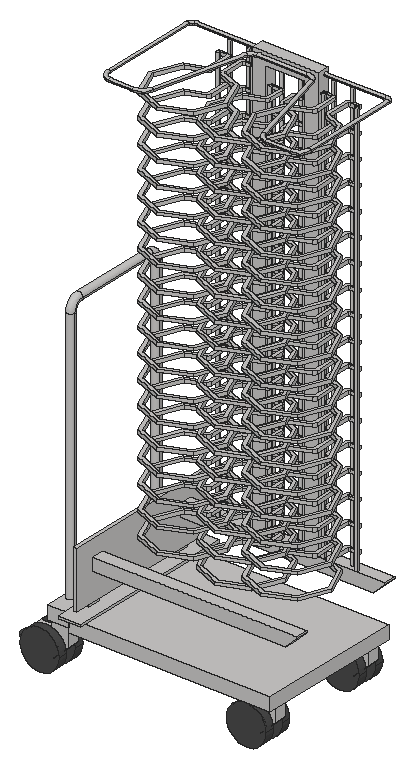
Revit family "QF_ELECTROLUXPROFESSIONAL_922756_TRBA54PL2011C", category Attrezzature speciali, Revit 2020
Family settings
  Quota connettore circolare = Usa diametro
  Tipo di parte = Normale
  Basato su piano di lavoro = No
  Sempre verticale = Sì
  Taglio con vuoti quando caricato = No
  Condiviso = No
  Punto di calcolo locali = No
Parameters (values of type "Standard")
  Weight = 0.00 kg
  Watts = 0 W
  Volts = 0 V
  URL Manufacturer = ""
  URL = ""
  Steam Supply Size = 0 mm
  Steam Supply Minimum Pressure = 0.0 Pa
  Steam Supply Maximum Pressure = 0.0 Pa
  Steam Consumption per Hour = 0
  Show Clearance [instance] = yes
  Refrigeration Suction Line Size = 0 mm
  Refrigeration Liquid Line Size = 0 mm
  Refrigerant Compressor Remote = yes
  Prospetto di default = 0 mm
  Manufacturer = ""
  Phase = 0
  Model = ""
  Length Actual = 507 mm  # constant formula
  Item Number = ""
  Hot Water Size = 0 mm
  Height Actual = 1714 mm  # constant formula
  HP = ""
  Gas Size = 0 mm
  Gas KW = 0
  Gas Input Pressure = 0 W
  Direct Waste Size = 0 mm
  Description = ""
  Depth Actual = 849 mm  # constant formula
  Cycle = 0 Hz
  Condensate Return Size = 0 mm
  Compressed Air Volume = 0.0 L/s
  Compressed Air Size = 0 mm
  Compressed Air Pressure = 0.0 Pa
  Cold Water Size = 0 mm
  Accessory = yes
Reference planes
  plane 1 "Back": y = 0
  plane 2: z = 0
  plane 3 "FRONT": y = -544
  plane 4 "LEFT": x = -126
  plane 5 "RIGHT": x = 743
  plane 6: x = 308.5
  plane 7 "Centro Avanti/Indietro": y = -272
  plane 8: z = 1039
  plane 9: z = 130
  plane 10: z = 303
  plane 11: z = 62.5
  plane 12: y = -38.5
  plane 13: y = -505.5
  plane 14: y = -98.5
  plane 15: y = -445.5
  plane 16: y = -64
  plane 17: y = -480
  plane 18: y = -455.5
  plane 19: y = -88.5
  plane 20: z = 1714
Forms (mm)
  Extrusion 1, solid, material "QF_Finishes_Stainless Steel"
    sketch origin (29.224, 168.988, 0) x (-1, 0, 0) y (0, 0, 1)
      loop
        line (111.112, 108.639) -> (50.962, 108.639) -> (50.962, 145.401) -> (-2.479, 145.401) -> (-2.479, 84.018) -> (42.521, 39.018) -> (111.112, 39.018) -> (111.112, 108.639)
    from -668.238 to -629.997
  Extrusion 2, solid, material "QF_Finishes_Black"
    sketch origin (-0.776, 166.488, 1.25) x (-1, 0, 0) y (0, 0, 1)
      loop
        circle (37.949, 63.776) r 62.5
    from -627.497 to -600.488
  Extrusion 3, solid, material "QF_Finishes_Stainless Steel"
    sketch origin (0, 0, 0) x (1, 0, 0) y (0, 1, 0)
      loop
        line (36.598, -38.5) -> (36.598, -505.5) -> (673.106, -505.5) -> (673.106, -38.5) -> (36.598, -38.5)
    from 130 to 172.815
  Extrusion 4, solid, material "QF_Finishes_Stainless Steel"
    sketch origin (0, 250, 0) x (-1, 0, 0) y (0, 0, 1)
      loop
        line (27.318, 188.74) -> (-36.598, 188.74) -> (-36.598, 145.401) -> (27.318, 145.401) -> (27.318, 188.74)
    from -755.5 to -288.5
  Extrusion 5, solid, material "QF_Finishes_Stainless Steel"
    sketch origin (0, 0, 0) x (1, 0, 0) y (0, 1, 0)
      loop
        line (36.598, 0) -> (36.598, -544) -> (107.934, -544) -> (107.934, 0) -> (36.598, 0)
    from 188.74 to 196.958
  Extrusion 6, solid, material "QF_Finishes_Stainless Steel"
    sketch origin (0, 0, 0) x (0, 1, 0) y (0, 0, 1)
      loop
        line (-18.5, 393.148) -> (-525.5, 393.148) -> (-525.5, 213.148) -> (-18.5, 213.148) -> (-18.5, 393.148)
    from 68.292 to 79
  Extrusion 7, solid, material "QF_Finishes_Stainless Steel"
    sketch origin (0, 250.569, 0) x (-1, 0, 0) y (0, 0, 1)
      loop
        line (-79, 343.896) -> (-725.703, 343.896) -> (-725.703, 338.896) -> (-689.807, 303) -> (-79, 303) -> (-79, 343.896)
    from -368.139 to -330
  Extrusion 8, solid, material "QF_Finishes_Stainless Steel"
    sketch origin (0, -794.569, 0) x (-1, 0, 0) y (0, 0, -1)
      loop
        line (-79, -343.896) -> (-79, -303) -> (-689.807, -303) -> (-725.703, -338.896) -> (-725.703, -343.896) -> (-79, -343.896)
    from -368.139 to -330
  Extrusion 9, solid, material "QF_Finishes_Stainless Steel"
    sketch origin (0, 0.569, 0) x (1, 0, 0) y (0, 1, 0)
      loop
        line (36.598, -79.985) -> (36.598, -118.139) -> (68.292, -118.139) -> (68.292, -79.985) -> (36.598, -79.985)
    from 172.815 to 343.896
  Extrusion 10, solid, material "QF_Finishes_Stainless Steel"
    sketch origin (0, -544.569, 0) x (1, 0, 0) y (0, 1, 0)
      loop
        line (36.598, 79.985) -> (68.292, 79.985) -> (68.292, 118.139) -> (36.598, 118.139) -> (36.598, 79.985)
    from 172.815 to 343.896
  Sweep 11, solid, material "QF_Finishes_Stainless Steel"
    path origin (-7.5, 0, 0) x (0, 1, 0) y (0, 0, 1)
      loop
        line (-103.5, 188.74) -> (-103.5, 996.5)
        arc (-103.5, 996.5) -> (-112.287, 1017.713) -> (-133.5, 1026.5) r 30
        line (-133.5, 1026.5) -> (-410.5, 1026.5)
        arc (-410.5, 1026.5) -> (-431.713, 1017.713) -> (-440.5, 996.5) r 30
        line (-440.5, 996.5) -> (-440.5, 188.74)
    profile origin (-7.5, -440.5, 592.62) x (1, 0, 0) y (0, 1, 0)
      loop
        circle (0, 0) r 12.5
  Extrusion 12, solid, material "QF_Finishes_Black"
    sketch origin (-0.776, -1129.75, 1.25) x (-1, 0, 0) y (0, 0, -1)
      loop
        circle (37.949, -63.776) r 62.5
    from -630.5 to -605.432
  Extrusion 13, solid, material "QF_Finishes_Black"
    sketch origin (-1286.156, -754.376, -35) x (1, 0, 0) y (0, 1, 0)
      loop
        line (1211.509, 293.368) -> (1184.931, 293.368) -> (1184.931, 305.126)
        arc (1184.931, 305.126) -> (1160.117, 272.745) -> (1184.931, 240.364) r 33.534
        line (1184.931, 240.364) -> (1184.931, 255.126) -> (1211.509, 255.126) -> (1211.509, 293.368)
    from 101.353 to 108.639
  Extrusion 14, solid, material "QF_Finishes_Stainless Steel"
    sketch origin (29.224, -712.988, 0) x (-1, 0, 0) y (0, 0, -1)
      loop
        line (111.112, -108.639) -> (111.112, -39.018) -> (42.521, -39.018) -> (-2.479, -84.018) -> (-2.479, -145.401) -> (50.962, -145.401) -> (50.962, -108.639) -> (111.112, -108.639)
    from -668.238 to -629.997
  Extrusion 15, solid, material "QF_Finishes_Black"
    sketch origin (-0.776, -710.488, 1.25) x (-1, 0, 0) y (0, 0, -1)
      loop
        circle (37.949, -63.776) r 62.5
    from -627.497 to -600.488
  Extrusion 16, solid, material "QF_Finishes_Black"
    sketch origin (-0.776, 585.75, 1.25) x (-1, 0, 0) y (0, 0, 1)
      loop
        circle (37.949, 63.776) r 62.5
    from -630.5 to -605.432
  Extrusion 17, solid, material "QF_Finishes_Black"
    sketch origin (-1286.156, 210.376, -35) x (1, 0, 0) y (0, 1, 0)
      loop
        line (1211.509, -293.368) -> (1211.509, -255.126) -> (1184.931, -255.126) -> (1184.931, -240.364)
        arc (1184.931, -240.364) -> (1160.117, -272.745) -> (1184.931, -305.126) r 33.534
        line (1184.931, -305.126) -> (1184.931, -293.368) -> (1211.509, -293.368)
    from 101.353 to 108.639
  Extrusion 18, solid, material "QF_Finishes_Stainless Steel"
    sketch origin (667.246, 560.617, 0) x (-1, 0, 0) y (0, 0, 1)
      loop
        line (115.112, 108.639) -> (54.962, 108.639) -> (54.962, 145.401) -> (1.521, 145.401) -> (1.521, 84.018) -> (46.521, 39.018) -> (115.112, 39.018) -> (115.112, 108.639)
    from -668.238 to -629.997
  Extrusion 19, solid, material "QF_Finishes_Black"
    sketch origin (637.246, 558.117, 1.25) x (-1, 0, 0) y (0, 0, 1)
      loop
        circle (41.949, 63.776) r 62.5
    from -627.497 to -600.488
  Extrusion 20, solid, material "QF_Finishes_Black"
    sketch origin (637.246, -738.121, 1.25) x (-1, 0, 0) y (0, 0, -1)
      loop
        circle (41.949, -63.776) r 62.5
    from -630.5 to -605.432
  Extrusion 21, solid, material "QF_Finishes_Stainless Steel"
    sketch origin (667.246, -1104.617, 0) x (-1, 0, 0) y (0, 0, -1)
      loop
        line (115.112, -108.639) -> (115.112, -39.018) -> (46.521, -39.018) -> (1.521, -84.018) -> (1.521, -145.401) -> (54.962, -145.401) -> (54.962, -108.639) -> (115.112, -108.639)
    from -668.238 to -629.997
  Extrusion 22, solid, material "QF_Finishes_Black"
    sketch origin (637.246, -1102.117, 1.25) x (-1, 0, 0) y (0, 0, -1)
      loop
        circle (41.949, -63.776) r 62.5
    from -627.497 to -600.488
  Extrusion 23, solid, material "QF_Finishes_Black"
    sketch origin (637.246, 194.121, 1.25) x (-1, 0, 0) y (0, 0, 1)
      loop
        circle (41.949, 63.776) r 62.5
    from -630.5 to -605.432
  Extrusion 24, solid, material "QF_Finishes_Stainless Steel"
    sketch origin (0, 250, 0) x (-1, 0, 0) y (0, 0, 1)
      loop
        line (-308.5, 1714) -> (-515.61, 1714) -> (-515.61, 343.896) -> (-473.159, 343.896) -> (-473.159, 1673.896) -> (-348.159, 1673.896) -> (-348.159, 343.896) -> (-308.5, 343.896) -> (-308.5, 1714)
    from -367.569 to -329.431
  Extrusion 25, solid, material "QF_Finishes_Stainless Steel"
    sketch origin (0, 0, 0) x (1, 0, 0) y (0, 1, 0)
      loop
        circle (192.338, -110.578) r 5
    from 343.896 to 1655
  Extrusion 26, solid, material "QF_Finishes_Stainless Steel"
    sketch origin (110, 0, 0) x (1, 0, 0) y (0, 1, 0)
      loop
        circle (192.338, -110.578) r 5
    from 343.896 to 1655
  Extrusion 27, solid, material "QF_Finishes_Stainless Steel"
    sketch origin (335, 0, 0) x (1, 0, 0) y (0, 1, 0)
      loop
        circle (190.338, -110.578) r 5
    from 343.896 to 1655
  Extrusion 28, solid, material "QF_Finishes_Stainless Steel"
    sketch origin (440, 0, 0) x (1, 0, 0) y (0, 1, 0)
      loop
        circle (190.338, -110.578) r 5
    from 343.896 to 1655
  Extrusion 29, solid, material "QF_Finishes_Stainless Steel"
    sketch origin (415, 15, 0) x (1, 0, 0) y (0, 1, 0)
      loop
        circle (190.338, -110.578) r 5
    from 343.896 to 1694
  Extrusion 30, solid, material "QF_Finishes_Stainless Steel"
    sketch origin (355, 15, 0) x (1, 0, 0) y (0, 1, 0)
      loop
        circle (190.338, -110.578) r 5
    from 343.896 to 1694
  Extrusion 31, solid, material "QF_Finishes_Stainless Steel"
    sketch origin (275, 0, 0) x (1, 0, 0) y (0, 1, 0)
      loop
        circle (192.338, -110.578) r 5
    from 343.896 to 1617.621
  Extrusion 32, solid, material "QF_Finishes_Stainless Steel"
    sketch origin (165, 0, 0) x (1, 0, 0) y (0, 1, 0)
      loop
        circle (192.338, -110.578) r 5
    from 343.896 to 1617.621
  Extrusion 33, solid, material "QF_Finishes_Stainless Steel"
    sketch origin (85, 15, 0) x (1, 0, 0) y (0, 1, 0)
      loop
        circle (192.338, -110.578) r 5
    from 343.896 to 1694
  Extrusion 34, solid, material "QF_Finishes_Stainless Steel"
    sketch origin (25, 15, 0) x (1, 0, 0) y (0, 1, 0)
      loop
        circle (192.338, -110.578) r 5
    from 343.896 to 1694
  Extrusion 35, solid, material "QF_Finishes_Stainless Steel"
    sketch origin (190, 15, 0) x (1, 0, 0) y (0, 1, 0)
      loop
        circle (192.338, -110.578) r 5
    from 343.896 to 1673.896
  Extrusion 36, solid, material "QF_Finishes_Stainless Steel"
    sketch origin (250, 15, 0) x (1, 0, 0) y (0, 1, 0)
      loop
        circle (192.338, -110.578) r 5
    from 343.896 to 1673.896
  Sweep 37, solid, material "QF_Finishes_Stainless Steel"
    path origin (0, 0, 1700) x (1, 0, 0) y (0, 1, 0)
      loop
        line (308.5, -93.5) -> (108.5, -93.5)
        arc (108.5, -93.5) -> (97.893, -97.893) -> (93.5, -108.5) r 15
        line (93.5, -108.5) -> (93.5, -418.5)
        arc (93.5, -418.5) -> (102.287, -439.713) -> (123.5, -448.5) r 30
        line (123.5, -448.5) -> (199.092, -448.5)
        arc (199.092, -448.5) -> (220.491, -441.197) -> (232.959, -422.335) r 35
        line (232.959, -422.335) -> (305.989, -142.383)
        arc (305.989, -142.383) -> (314.895, -128.91) -> (330.18, -123.694) r 25
        line (330.18, -123.694) -> (487.416, -123.694)
        arc (487.416, -123.694) -> (505.679, -129.893) -> (516.394, -145.929) r 30
        line (516.394, -145.929) -> (589.509, -426.265)
        arc (589.509, -426.265) -> (600.224, -442.301) -> (618.487, -448.5) r 30
        line (618.487, -448.5) -> (696.859, -448.5)
        arc (696.859, -448.5) -> (718.073, -439.713) -> (726.859, -418.5) r 30
        line (726.859, -418.5) -> (726.859, -108.5)
        arc (726.859, -108.5) -> (722.466, -97.893) -> (711.859, -93.5) r 15
        line (711.859, -93.5) -> (515.61, -93.5)
    profile origin (208.5, -93.5, 1700) x (0, -1, 0) y (0, 0, 1)
      loop
        circle (0, 0) r 5
  Extrusion 38, solid, material "QF_Finishes_Stainless Steel"
    sketch origin (0, 0, 1560) x (1, 0, 0) y (0, 1, 0)
      loop
        line (500.746, -360.782) -> (537.97, -273.086) -> (502.282, -184.754) -> (439.334, -158.034)
        arc (439.334, -158.034) -> (437.118, -156.192) -> (436.288, -153.432) r 5
        line (436.288, -153.432) -> (436.288, -111.5)
        arc (436.288, -111.5) -> (437.752, -107.964) -> (441.288, -106.5) r 5
        line (441.288, -106.5) -> (469.075, -106.5) -> (469.075, -99.5) -> (436.288, -99.5)
        arc (436.288, -99.5) -> (429.216, -102.429) -> (426.288, -109.5) r 10
        line (426.288, -109.5) -> (426.288, -156.741)
        arc (426.288, -156.741) -> (427.949, -162.261) -> (432.38, -165.946) r 10
        line (432.38, -165.946) -> (494.562, -192.341) -> (527.147, -272.992) -> (493.159, -353.062) -> (412.508, -385.647) -> (332.438, -351.659) -> (299.853, -271.008) -> (333.841, -190.938) -> (390.034, -168.235)
        arc (390.034, -168.235) -> (394.578, -164.555) -> (396.288, -158.963) r 10
        line (396.288, -158.963) -> (396.288, -109.5)
        arc (396.288, -109.5) -> (393.359, -102.429) -> (386.288, -99.5) r 10
        line (386.288, -99.5) -> (353.5, -99.5) -> (353.5, -106.5) -> (381.288, -106.5)
        arc (381.288, -106.5) -> (384.823, -107.964) -> (386.288, -111.5) r 5
        line (386.288, -111.5) -> (386.288, -155.591)
        arc (386.288, -155.591) -> (385.433, -158.386) -> (383.161, -160.226) r 5
        line (383.161, -160.226) -> (326.254, -183.218) -> (289.03, -270.914) -> (324.718, -359.246) -> (412.414, -396.47) -> (500.746, -360.782)
    from 47.621 to 57.621
  Extrusion 39, solid, material "QF_Finishes_Stainless Steel"
    sketch origin (-166.471, -23.659, 1600.272) x (1, 0, 0) y (0, 1, 0)
      loop
        line (500.746, -360.782) -> (537.97, -273.086) -> (502.282, -184.754) -> (439.334, -158.034)
        arc (439.334, -158.034) -> (437.118, -156.192) -> (436.288, -153.432) r 5
        line (436.288, -153.432) -> (436.288, -87.841)
        arc (436.288, -87.841) -> (437.752, -84.305) -> (441.288, -82.841) r 5
        line (441.288, -82.841) -> (469.075, -82.841) -> (469.075, -75.841) -> (436.288, -75.841)
        arc (436.288, -75.841) -> (429.216, -78.77) -> (426.288, -85.841) r 10
        line (426.288, -85.841) -> (426.288, -156.741)
        arc (426.288, -156.741) -> (427.949, -162.261) -> (432.38, -165.946) r 10
        line (432.38, -165.946) -> (494.562, -192.341) -> (527.147, -272.992) -> (493.159, -353.062) -> (412.508, -385.647) -> (332.438, -351.659) -> (299.853, -271.008) -> (333.841, -190.938) -> (390.034, -168.235)
        arc (390.034, -168.235) -> (394.578, -164.555) -> (396.288, -158.963) r 10
        line (396.288, -158.963) -> (396.288, -85.841)
        arc (396.288, -85.841) -> (393.359, -78.77) -> (386.288, -75.841) r 10
        line (386.288, -75.841) -> (353.5, -75.841) -> (353.5, -82.841) -> (381.288, -82.841)
        arc (381.288, -82.841) -> (384.823, -84.305) -> (386.288, -87.841) r 5
        line (386.288, -87.841) -> (386.288, -155.591)
        arc (386.288, -155.591) -> (385.433, -158.386) -> (383.161, -160.226) r 5
        line (383.161, -160.226) -> (326.254, -183.218) -> (289.03, -270.914) -> (324.718, -359.246) -> (412.414, -396.47) -> (500.746, -360.782)
    from 44.728 to 54.728
  Extrusion 40, solid, material "QF_Finishes_Stainless Steel"
    sketch origin (994.581, -23.659, 1620) x (-1, 0, 0) y (0, -1, 0)
      loop
        line (506.746, 360.782) -> (418.414, 396.47) -> (330.718, 359.246) -> (295.03, 270.914) -> (332.254, 183.218) -> (389.161, 160.226)
        arc (389.161, 160.226) -> (391.433, 158.386) -> (392.288, 155.591) r 5
        line (392.288, 155.591) -> (392.288, 87.841)
        arc (392.288, 87.841) -> (390.823, 84.305) -> (387.288, 82.841) r 5
        line (387.288, 82.841) -> (359.5, 82.841) -> (359.5, 75.841) -> (392.288, 75.841)
        arc (392.288, 75.841) -> (399.359, 78.77) -> (402.288, 85.841) r 10
        line (402.288, 85.841) -> (402.288, 158.963)
        arc (402.288, 158.963) -> (400.578, 164.555) -> (396.034, 168.235) r 10
        line (396.034, 168.235) -> (339.841, 190.938) -> (305.853, 271.008) -> (338.438, 351.659) -> (418.508, 385.647) -> (499.159, 353.062) -> (533.147, 272.992) -> (500.562, 192.341) -> (438.38, 165.946)
        arc (438.38, 165.946) -> (433.949, 162.261) -> (432.288, 156.741) r 10
        line (432.288, 156.741) -> (432.288, 85.841)
        arc (432.288, 85.841) -> (435.216, 78.77) -> (442.288, 75.841) r 10
        line (442.288, 75.841) -> (475.075, 75.841) -> (475.075, 82.841) -> (447.288, 82.841)
        arc (447.288, 82.841) -> (443.752, 84.305) -> (442.288, 87.841) r 5
        line (442.288, 87.841) -> (442.288, 153.432)
        arc (442.288, 153.432) -> (443.118, 156.192) -> (445.334, 158.034) r 5
        line (445.334, 158.034) -> (508.282, 184.754) -> (543.97, 273.086) -> (506.746, 360.782)
    from 25 to 35
  Extrusion 41, solid, material "QF_Finishes_Stainless Steel"
    sketch origin (0, 0, 1486) x (1, 0, 0) y (0, 1, 0)
      loop
        line (500.746, -360.782) -> (537.97, -273.086) -> (502.282, -184.754) -> (439.334, -158.034)
        arc (439.334, -158.034) -> (437.118, -156.192) -> (436.288, -153.432) r 5
        line (436.288, -153.432) -> (436.288, -111.5)
        arc (436.288, -111.5) -> (437.752, -107.964) -> (441.288, -106.5) r 5
        line (441.288, -106.5) -> (469.075, -106.5) -> (469.075, -99.5) -> (436.288, -99.5)
        arc (436.288, -99.5) -> (429.216, -102.429) -> (426.288, -109.5) r 10
        line (426.288, -109.5) -> (426.288, -156.741)
        arc (426.288, -156.741) -> (427.949, -162.261) -> (432.38, -165.946) r 10
        line (432.38, -165.946) -> (494.562, -192.341) -> (527.147, -272.992) -> (493.159, -353.062) -> (412.508, -385.647) -> (332.438, -351.659) -> (299.853, -271.008) -> (333.841, -190.938) -> (390.034, -168.235)
        arc (390.034, -168.235) -> (394.578, -164.555) -> (396.288, -158.963) r 10
        line (396.288, -158.963) -> (396.288, -109.5)
        arc (396.288, -109.5) -> (393.359, -102.429) -> (386.288, -99.5) r 10
        line (386.288, -99.5) -> (353.5, -99.5) -> (353.5, -106.5) -> (381.288, -106.5)
        arc (381.288, -106.5) -> (384.823, -107.964) -> (386.288, -111.5) r 5
        line (386.288, -111.5) -> (386.288, -155.591)
        arc (386.288, -155.591) -> (385.433, -158.386) -> (383.161, -160.226) r 5
        line (383.161, -160.226) -> (326.254, -183.218) -> (289.03, -270.914) -> (324.718, -359.246) -> (412.414, -396.47) -> (500.746, -360.782)
    from 47.621 to 57.621
  Extrusion 42, solid, material "QF_Finishes_Stainless Steel"
    sketch origin (-166.471, -23.659, 1526.272) x (1, 0, 0) y (0, 1, 0)
      loop
        line (500.746, -360.782) -> (537.97, -273.086) -> (502.282, -184.754) -> (439.334, -158.034)
        arc (439.334, -158.034) -> (437.118, -156.192) -> (436.288, -153.432) r 5
        line (436.288, -153.432) -> (436.288, -87.841)
        arc (436.288, -87.841) -> (437.752, -84.305) -> (441.288, -82.841) r 5
        line (441.288, -82.841) -> (469.075, -82.841) -> (469.075, -75.841) -> (436.288, -75.841)
        arc (436.288, -75.841) -> (429.216, -78.77) -> (426.288, -85.841) r 10
        line (426.288, -85.841) -> (426.288, -156.741)
        arc (426.288, -156.741) -> (427.949, -162.261) -> (432.38, -165.946) r 10
        line (432.38, -165.946) -> (494.562, -192.341) -> (527.147, -272.992) -> (493.159, -353.062) -> (412.508, -385.647) -> (332.438, -351.659) -> (299.853, -271.008) -> (333.841, -190.938) -> (390.034, -168.235)
        arc (390.034, -168.235) -> (394.578, -164.555) -> (396.288, -158.963) r 10
        line (396.288, -158.963) -> (396.288, -85.841)
        arc (396.288, -85.841) -> (393.359, -78.77) -> (386.288, -75.841) r 10
        line (386.288, -75.841) -> (353.5, -75.841) -> (353.5, -82.841) -> (381.288, -82.841)
        arc (381.288, -82.841) -> (384.823, -84.305) -> (386.288, -87.841) r 5
        line (386.288, -87.841) -> (386.288, -155.591)
        arc (386.288, -155.591) -> (385.433, -158.386) -> (383.161, -160.226) r 5
        line (383.161, -160.226) -> (326.254, -183.218) -> (289.03, -270.914) -> (324.718, -359.246) -> (412.414, -396.47) -> (500.746, -360.782)
    from 44.728 to 54.728
  Extrusion 43, solid, material "QF_Finishes_Stainless Steel"
    sketch origin (994.581, -23.659, 1546) x (-1, 0, 0) y (0, -1, 0)
      loop
        line (506.746, 360.782) -> (418.414, 396.47) -> (330.718, 359.246) -> (295.03, 270.914) -> (332.254, 183.218) -> (389.161, 160.226)
        arc (389.161, 160.226) -> (391.433, 158.386) -> (392.288, 155.591) r 5
        line (392.288, 155.591) -> (392.288, 87.841)
        arc (392.288, 87.841) -> (390.823, 84.305) -> (387.288, 82.841) r 5
        line (387.288, 82.841) -> (359.5, 82.841) -> (359.5, 75.841) -> (392.288, 75.841)
        arc (392.288, 75.841) -> (399.359, 78.77) -> (402.288, 85.841) r 10
        line (402.288, 85.841) -> (402.288, 158.963)
        arc (402.288, 158.963) -> (400.578, 164.555) -> (396.034, 168.235) r 10
        line (396.034, 168.235) -> (339.841, 190.938) -> (305.853, 271.008) -> (338.438, 351.659) -> (418.508, 385.647) -> (499.159, 353.062) -> (533.147, 272.992) -> (500.562, 192.341) -> (438.38, 165.946)
        arc (438.38, 165.946) -> (433.949, 162.261) -> (432.288, 156.741) r 10
        line (432.288, 156.741) -> (432.288, 85.841)
        arc (432.288, 85.841) -> (435.216, 78.77) -> (442.288, 75.841) r 10
        line (442.288, 75.841) -> (475.075, 75.841) -> (475.075, 82.841) -> (447.288, 82.841)
        arc (447.288, 82.841) -> (443.752, 84.305) -> (442.288, 87.841) r 5
        line (442.288, 87.841) -> (442.288, 153.432)
        arc (442.288, 153.432) -> (443.118, 156.192) -> (445.334, 158.034) r 5
        line (445.334, 158.034) -> (508.282, 184.754) -> (543.97, 273.086) -> (506.746, 360.782)
    from 25 to 35
  Extrusion 44, solid, material "QF_Finishes_Stainless Steel"
    sketch origin (0, 0, 1412) x (1, 0, 0) y (0, 1, 0)
      loop
        line (500.746, -360.782) -> (537.97, -273.086) -> (502.282, -184.754) -> (439.334, -158.034)
        arc (439.334, -158.034) -> (437.118, -156.192) -> (436.288, -153.432) r 5
        line (436.288, -153.432) -> (436.288, -111.5)
        arc (436.288, -111.5) -> (437.752, -107.964) -> (441.288, -106.5) r 5
        line (441.288, -106.5) -> (469.075, -106.5) -> (469.075, -99.5) -> (436.288, -99.5)
        arc (436.288, -99.5) -> (429.216, -102.429) -> (426.288, -109.5) r 10
        line (426.288, -109.5) -> (426.288, -156.741)
        arc (426.288, -156.741) -> (427.949, -162.261) -> (432.38, -165.946) r 10
        line (432.38, -165.946) -> (494.562, -192.341) -> (527.147, -272.992) -> (493.159, -353.062) -> (412.508, -385.647) -> (332.438, -351.659) -> (299.853, -271.008) -> (333.841, -190.938) -> (390.034, -168.235)
        arc (390.034, -168.235) -> (394.578, -164.555) -> (396.288, -158.963) r 10
        line (396.288, -158.963) -> (396.288, -109.5)
        arc (396.288, -109.5) -> (393.359, -102.429) -> (386.288, -99.5) r 10
        line (386.288, -99.5) -> (353.5, -99.5) -> (353.5, -106.5) -> (381.288, -106.5)
        arc (381.288, -106.5) -> (384.823, -107.964) -> (386.288, -111.5) r 5
        line (386.288, -111.5) -> (386.288, -155.591)
        arc (386.288, -155.591) -> (385.433, -158.386) -> (383.161, -160.226) r 5
        line (383.161, -160.226) -> (326.254, -183.218) -> (289.03, -270.914) -> (324.718, -359.246) -> (412.414, -396.47) -> (500.746, -360.782)
    from 47.621 to 57.621
  Extrusion 45, solid, material "QF_Finishes_Stainless Steel"
    sketch origin (-166.471, -23.659, 1452.272) x (1, 0, 0) y (0, 1, 0)
      loop
        line (500.746, -360.782) -> (537.97, -273.086) -> (502.282, -184.754) -> (439.334, -158.034)
        arc (439.334, -158.034) -> (437.118, -156.192) -> (436.288, -153.432) r 5
        line (436.288, -153.432) -> (436.288, -87.841)
        arc (436.288, -87.841) -> (437.752, -84.305) -> (441.288, -82.841) r 5
        line (441.288, -82.841) -> (469.075, -82.841) -> (469.075, -75.841) -> (436.288, -75.841)
        arc (436.288, -75.841) -> (429.216, -78.77) -> (426.288, -85.841) r 10
        line (426.288, -85.841) -> (426.288, -156.741)
        arc (426.288, -156.741) -> (427.949, -162.261) -> (432.38, -165.946) r 10
        line (432.38, -165.946) -> (494.562, -192.341) -> (527.147, -272.992) -> (493.159, -353.062) -> (412.508, -385.647) -> (332.438, -351.659) -> (299.853, -271.008) -> (333.841, -190.938) -> (390.034, -168.235)
        arc (390.034, -168.235) -> (394.578, -164.555) -> (396.288, -158.963) r 10
        line (396.288, -158.963) -> (396.288, -85.841)
        arc (396.288, -85.841) -> (393.359, -78.77) -> (386.288, -75.841) r 10
        line (386.288, -75.841) -> (353.5, -75.841) -> (353.5, -82.841) -> (381.288, -82.841)
        arc (381.288, -82.841) -> (384.823, -84.305) -> (386.288, -87.841) r 5
        line (386.288, -87.841) -> (386.288, -155.591)
        arc (386.288, -155.591) -> (385.433, -158.386) -> (383.161, -160.226) r 5
        line (383.161, -160.226) -> (326.254, -183.218) -> (289.03, -270.914) -> (324.718, -359.246) -> (412.414, -396.47) -> (500.746, -360.782)
    from 44.728 to 54.728
  Extrusion 46, solid, material "QF_Finishes_Stainless Steel"
    sketch origin (994.581, -23.659, 1472) x (-1, 0, 0) y (0, -1, 0)
      loop
        line (506.746, 360.782) -> (418.414, 396.47) -> (330.718, 359.246) -> (295.03, 270.914) -> (332.254, 183.218) -> (389.161, 160.226)
        arc (389.161, 160.226) -> (391.433, 158.386) -> (392.288, 155.591) r 5
        line (392.288, 155.591) -> (392.288, 87.841)
        arc (392.288, 87.841) -> (390.823, 84.305) -> (387.288, 82.841) r 5
        line (387.288, 82.841) -> (359.5, 82.841) -> (359.5, 75.841) -> (392.288, 75.841)
        arc (392.288, 75.841) -> (399.359, 78.77) -> (402.288, 85.841) r 10
        line (402.288, 85.841) -> (402.288, 158.963)
        arc (402.288, 158.963) -> (400.578, 164.555) -> (396.034, 168.235) r 10
        line (396.034, 168.235) -> (339.841, 190.938) -> (305.853, 271.008) -> (338.438, 351.659) -> (418.508, 385.647) -> (499.159, 353.062) -> (533.147, 272.992) -> (500.562, 192.341) -> (438.38, 165.946)
        arc (438.38, 165.946) -> (433.949, 162.261) -> (432.288, 156.741) r 10
        line (432.288, 156.741) -> (432.288, 85.841)
        arc (432.288, 85.841) -> (435.216, 78.77) -> (442.288, 75.841) r 10
        line (442.288, 75.841) -> (475.075, 75.841) -> (475.075, 82.841) -> (447.288, 82.841)
        arc (447.288, 82.841) -> (443.752, 84.305) -> (442.288, 87.841) r 5
        line (442.288, 87.841) -> (442.288, 153.432)
        arc (442.288, 153.432) -> (443.118, 156.192) -> (445.334, 158.034) r 5
        line (445.334, 158.034) -> (508.282, 184.754) -> (543.97, 273.086) -> (506.746, 360.782)
    from 25 to 35
  Extrusion 47, solid, material "QF_Finishes_Stainless Steel"
    sketch origin (0, 0, 1338) x (1, 0, 0) y (0, 1, 0)
      loop
        line (500.746, -360.782) -> (537.97, -273.086) -> (502.282, -184.754) -> (439.334, -158.034)
        arc (439.334, -158.034) -> (437.118, -156.192) -> (436.288, -153.432) r 5
        line (436.288, -153.432) -> (436.288, -111.5)
        arc (436.288, -111.5) -> (437.752, -107.964) -> (441.288, -106.5) r 5
        line (441.288, -106.5) -> (469.075, -106.5) -> (469.075, -99.5) -> (436.288, -99.5)
        arc (436.288, -99.5) -> (429.216, -102.429) -> (426.288, -109.5) r 10
        line (426.288, -109.5) -> (426.288, -156.741)
        arc (426.288, -156.741) -> (427.949, -162.261) -> (432.38, -165.946) r 10
        line (432.38, -165.946) -> (494.562, -192.341) -> (527.147, -272.992) -> (493.159, -353.062) -> (412.508, -385.647) -> (332.438, -351.659) -> (299.853, -271.008) -> (333.841, -190.938) -> (390.034, -168.235)
        arc (390.034, -168.235) -> (394.578, -164.555) -> (396.288, -158.963) r 10
        line (396.288, -158.963) -> (396.288, -109.5)
        arc (396.288, -109.5) -> (393.359, -102.429) -> (386.288, -99.5) r 10
        line (386.288, -99.5) -> (353.5, -99.5) -> (353.5, -106.5) -> (381.288, -106.5)
        arc (381.288, -106.5) -> (384.823, -107.964) -> (386.288, -111.5) r 5
        line (386.288, -111.5) -> (386.288, -155.591)
        arc (386.288, -155.591) -> (385.433, -158.386) -> (383.161, -160.226) r 5
        line (383.161, -160.226) -> (326.254, -183.218) -> (289.03, -270.914) -> (324.718, -359.246) -> (412.414, -396.47) -> (500.746, -360.782)
    from 47.621 to 57.621
  Extrusion 48, solid, material "QF_Finishes_Stainless Steel"
    sketch origin (-166.471, -23.659, 1378.272) x (1, 0, 0) y (0, 1, 0)
      loop
        line (500.746, -360.782) -> (537.97, -273.086) -> (502.282, -184.754) -> (439.334, -158.034)
        arc (439.334, -158.034) -> (437.118, -156.192) -> (436.288, -153.432) r 5
        line (436.288, -153.432) -> (436.288, -87.841)
        arc (436.288, -87.841) -> (437.752, -84.305) -> (441.288, -82.841) r 5
        line (441.288, -82.841) -> (469.075, -82.841) -> (469.075, -75.841) -> (436.288, -75.841)
        arc (436.288, -75.841) -> (429.216, -78.77) -> (426.288, -85.841) r 10
        line (426.288, -85.841) -> (426.288, -156.741)
        arc (426.288, -156.741) -> (427.949, -162.261) -> (432.38, -165.946) r 10
        line (432.38, -165.946) -> (494.562, -192.341) -> (527.147, -272.992) -> (493.159, -353.062) -> (412.508, -385.647) -> (332.438, -351.659) -> (299.853, -271.008) -> (333.841, -190.938) -> (390.034, -168.235)
        arc (390.034, -168.235) -> (394.578, -164.555) -> (396.288, -158.963) r 10
        line (396.288, -158.963) -> (396.288, -85.841)
        arc (396.288, -85.841) -> (393.359, -78.77) -> (386.288, -75.841) r 10
        line (386.288, -75.841) -> (353.5, -75.841) -> (353.5, -82.841) -> (381.288, -82.841)
        arc (381.288, -82.841) -> (384.823, -84.305) -> (386.288, -87.841) r 5
        line (386.288, -87.841) -> (386.288, -155.591)
        arc (386.288, -155.591) -> (385.433, -158.386) -> (383.161, -160.226) r 5
        line (383.161, -160.226) -> (326.254, -183.218) -> (289.03, -270.914) -> (324.718, -359.246) -> (412.414, -396.47) -> (500.746, -360.782)
    from 44.728 to 54.728
  Extrusion 49, solid, material "QF_Finishes_Stainless Steel"
    sketch origin (994.581, -23.659, 1398) x (-1, 0, 0) y (0, -1, 0)
      loop
        line (506.746, 360.782) -> (418.414, 396.47) -> (330.718, 359.246) -> (295.03, 270.914) -> (332.254, 183.218) -> (389.161, 160.226)
        arc (389.161, 160.226) -> (391.433, 158.386) -> (392.288, 155.591) r 5
        line (392.288, 155.591) -> (392.288, 87.841)
        arc (392.288, 87.841) -> (390.823, 84.305) -> (387.288, 82.841) r 5
        line (387.288, 82.841) -> (359.5, 82.841) -> (359.5, 75.841) -> (392.288, 75.841)
        arc (392.288, 75.841) -> (399.359, 78.77) -> (402.288, 85.841) r 10
        line (402.288, 85.841) -> (402.288, 158.963)
        arc (402.288, 158.963) -> (400.578, 164.555) -> (396.034, 168.235) r 10
        line (396.034, 168.235) -> (339.841, 190.938) -> (305.853, 271.008) -> (338.438, 351.659) -> (418.508, 385.647) -> (499.159, 353.062) -> (533.147, 272.992) -> (500.562, 192.341) -> (438.38, 165.946)
        arc (438.38, 165.946) -> (433.949, 162.261) -> (432.288, 156.741) r 10
        line (432.288, 156.741) -> (432.288, 85.841)
        arc (432.288, 85.841) -> (435.216, 78.77) -> (442.288, 75.841) r 10
        line (442.288, 75.841) -> (475.075, 75.841) -> (475.075, 82.841) -> (447.288, 82.841)
        arc (447.288, 82.841) -> (443.752, 84.305) -> (442.288, 87.841) r 5
        line (442.288, 87.841) -> (442.288, 153.432)
        arc (442.288, 153.432) -> (443.118, 156.192) -> (445.334, 158.034) r 5
        line (445.334, 158.034) -> (508.282, 184.754) -> (543.97, 273.086) -> (506.746, 360.782)
    from 25 to 35
  Extrusion 50, solid, material "QF_Finishes_Stainless Steel"
    sketch origin (0, 0, 1264) x (1, 0, 0) y (0, 1, 0)
      loop
        line (500.746, -360.782) -> (537.97, -273.086) -> (502.282, -184.754) -> (439.334, -158.034)
        arc (439.334, -158.034) -> (437.118, -156.192) -> (436.288, -153.432) r 5
        line (436.288, -153.432) -> (436.288, -111.5)
        arc (436.288, -111.5) -> (437.752, -107.964) -> (441.288, -106.5) r 5
        line (441.288, -106.5) -> (469.075, -106.5) -> (469.075, -99.5) -> (436.288, -99.5)
        arc (436.288, -99.5) -> (429.216, -102.429) -> (426.288, -109.5) r 10
        line (426.288, -109.5) -> (426.288, -156.741)
        arc (426.288, -156.741) -> (427.949, -162.261) -> (432.38, -165.946) r 10
        line (432.38, -165.946) -> (494.562, -192.341) -> (527.147, -272.992) -> (493.159, -353.062) -> (412.508, -385.647) -> (332.438, -351.659) -> (299.853, -271.008) -> (333.841, -190.938) -> (390.034, -168.235)
        arc (390.034, -168.235) -> (394.578, -164.555) -> (396.288, -158.963) r 10
        line (396.288, -158.963) -> (396.288, -109.5)
        arc (396.288, -109.5) -> (393.359, -102.429) -> (386.288, -99.5) r 10
        line (386.288, -99.5) -> (353.5, -99.5) -> (353.5, -106.5) -> (381.288, -106.5)
        arc (381.288, -106.5) -> (384.823, -107.964) -> (386.288, -111.5) r 5
        line (386.288, -111.5) -> (386.288, -155.591)
        arc (386.288, -155.591) -> (385.433, -158.386) -> (383.161, -160.226) r 5
        line (383.161, -160.226) -> (326.254, -183.218) -> (289.03, -270.914) -> (324.718, -359.246) -> (412.414, -396.47) -> (500.746, -360.782)
    from 47.621 to 57.621
  Extrusion 51, solid, material "QF_Finishes_Stainless Steel"
    sketch origin (-166.471, -23.659, 1304.272) x (1, 0, 0) y (0, 1, 0)
      loop
        line (500.746, -360.782) -> (537.97, -273.086) -> (502.282, -184.754) -> (439.334, -158.034)
        arc (439.334, -158.034) -> (437.118, -156.192) -> (436.288, -153.432) r 5
        line (436.288, -153.432) -> (436.288, -87.841)
        arc (436.288, -87.841) -> (437.752, -84.305) -> (441.288, -82.841) r 5
        line (441.288, -82.841) -> (469.075, -82.841) -> (469.075, -75.841) -> (436.288, -75.841)
        arc (436.288, -75.841) -> (429.216, -78.77) -> (426.288, -85.841) r 10
        line (426.288, -85.841) -> (426.288, -156.741)
        arc (426.288, -156.741) -> (427.949, -162.261) -> (432.38, -165.946) r 10
        line (432.38, -165.946) -> (494.562, -192.341) -> (527.147, -272.992) -> (493.159, -353.062) -> (412.508, -385.647) -> (332.438, -351.659) -> (299.853, -271.008) -> (333.841, -190.938) -> (390.034, -168.235)
        arc (390.034, -168.235) -> (394.578, -164.555) -> (396.288, -158.963) r 10
        line (396.288, -158.963) -> (396.288, -85.841)
        arc (396.288, -85.841) -> (393.359, -78.77) -> (386.288, -75.841) r 10
        line (386.288, -75.841) -> (353.5, -75.841) -> (353.5, -82.841) -> (381.288, -82.841)
        arc (381.288, -82.841) -> (384.823, -84.305) -> (386.288, -87.841) r 5
        line (386.288, -87.841) -> (386.288, -155.591)
        arc (386.288, -155.591) -> (385.433, -158.386) -> (383.161, -160.226) r 5
        line (383.161, -160.226) -> (326.254, -183.218) -> (289.03, -270.914) -> (324.718, -359.246) -> (412.414, -396.47) -> (500.746, -360.782)
    from 44.728 to 54.728
  Extrusion 52, solid, material "QF_Finishes_Stainless Steel"
    sketch origin (994.581, -23.659, 1324) x (-1, 0, 0) y (0, -1, 0)
      loop
        line (506.746, 360.782) -> (418.414, 396.47) -> (330.718, 359.246) -> (295.03, 270.914) -> (332.254, 183.218) -> (389.161, 160.226)
        arc (389.161, 160.226) -> (391.433, 158.386) -> (392.288, 155.591) r 5
        line (392.288, 155.591) -> (392.288, 87.841)
        arc (392.288, 87.841) -> (390.823, 84.305) -> (387.288, 82.841) r 5
        line (387.288, 82.841) -> (359.5, 82.841) -> (359.5, 75.841) -> (392.288, 75.841)
        arc (392.288, 75.841) -> (399.359, 78.77) -> (402.288, 85.841) r 10
        line (402.288, 85.841) -> (402.288, 158.963)
        arc (402.288, 158.963) -> (400.578, 164.555) -> (396.034, 168.235) r 10
        line (396.034, 168.235) -> (339.841, 190.938) -> (305.853, 271.008) -> (338.438, 351.659) -> (418.508, 385.647) -> (499.159, 353.062) -> (533.147, 272.992) -> (500.562, 192.341) -> (438.38, 165.946)
        arc (438.38, 165.946) -> (433.949, 162.261) -> (432.288, 156.741) r 10
        line (432.288, 156.741) -> (432.288, 85.841)
        arc (432.288, 85.841) -> (435.216, 78.77) -> (442.288, 75.841) r 10
        line (442.288, 75.841) -> (475.075, 75.841) -> (475.075, 82.841) -> (447.288, 82.841)
        arc (447.288, 82.841) -> (443.752, 84.305) -> (442.288, 87.841) r 5
        line (442.288, 87.841) -> (442.288, 153.432)
        arc (442.288, 153.432) -> (443.118, 156.192) -> (445.334, 158.034) r 5
        line (445.334, 158.034) -> (508.282, 184.754) -> (543.97, 273.086) -> (506.746, 360.782)
    from 25 to 35
  Extrusion 53, solid, material "QF_Finishes_Stainless Steel"
    sketch origin (0, 0, 1190) x (1, 0, 0) y (0, 1, 0)
      loop
        line (500.746, -360.782) -> (537.97, -273.086) -> (502.282, -184.754) -> (439.334, -158.034)
        arc (439.334, -158.034) -> (437.118, -156.192) -> (436.288, -153.432) r 5
        line (436.288, -153.432) -> (436.288, -111.5)
        arc (436.288, -111.5) -> (437.752, -107.964) -> (441.288, -106.5) r 5
        line (441.288, -106.5) -> (469.075, -106.5) -> (469.075, -99.5) -> (436.288, -99.5)
        arc (436.288, -99.5) -> (429.216, -102.429) -> (426.288, -109.5) r 10
        line (426.288, -109.5) -> (426.288, -156.741)
        arc (426.288, -156.741) -> (427.949, -162.261) -> (432.38, -165.946) r 10
        line (432.38, -165.946) -> (494.562, -192.341) -> (527.147, -272.992) -> (493.159, -353.062) -> (412.508, -385.647) -> (332.438, -351.659) -> (299.853, -271.008) -> (333.841, -190.938) -> (390.034, -168.235)
        arc (390.034, -168.235) -> (394.578, -164.555) -> (396.288, -158.963) r 10
        line (396.288, -158.963) -> (396.288, -109.5)
        arc (396.288, -109.5) -> (393.359, -102.429) -> (386.288, -99.5) r 10
        line (386.288, -99.5) -> (353.5, -99.5) -> (353.5, -106.5) -> (381.288, -106.5)
        arc (381.288, -106.5) -> (384.823, -107.964) -> (386.288, -111.5) r 5
        line (386.288, -111.5) -> (386.288, -155.591)
        arc (386.288, -155.591) -> (385.433, -158.386) -> (383.161, -160.226) r 5
        line (383.161, -160.226) -> (326.254, -183.218) -> (289.03, -270.914) -> (324.718, -359.246) -> (412.414, -396.47) -> (500.746, -360.782)
    from 47.621 to 57.621
  Extrusion 54, solid, material "QF_Finishes_Stainless Steel"
    sketch origin (-166.471, -23.659, 1230.272) x (1, 0, 0) y (0, 1, 0)
      loop
        line (500.746, -360.782) -> (537.97, -273.086) -> (502.282, -184.754) -> (439.334, -158.034)
        arc (439.334, -158.034) -> (437.118, -156.192) -> (436.288, -153.432) r 5
        line (436.288, -153.432) -> (436.288, -87.841)
        arc (436.288, -87.841) -> (437.752, -84.305) -> (441.288, -82.841) r 5
        line (441.288, -82.841) -> (469.075, -82.841) -> (469.075, -75.841) -> (436.288, -75.841)
        arc (436.288, -75.841) -> (429.216, -78.77) -> (426.288, -85.841) r 10
        line (426.288, -85.841) -> (426.288, -156.741)
        arc (426.288, -156.741) -> (427.949, -162.261) -> (432.38, -165.946) r 10
        line (432.38, -165.946) -> (494.562, -192.341) -> (527.147, -272.992) -> (493.159, -353.062) -> (412.508, -385.647) -> (332.438, -351.659) -> (299.853, -271.008) -> (333.841, -190.938) -> (390.034, -168.235)
        arc (390.034, -168.235) -> (394.578, -164.555) -> (396.288, -158.963) r 10
        line (396.288, -158.963) -> (396.288, -85.841)
        arc (396.288, -85.841) -> (393.359, -78.77) -> (386.288, -75.841) r 10
        line (386.288, -75.841) -> (353.5, -75.841) -> (353.5, -82.841) -> (381.288, -82.841)
        arc (381.288, -82.841) -> (384.823, -84.305) -> (386.288, -87.841) r 5
        line (386.288, -87.841) -> (386.288, -155.591)
        arc (386.288, -155.591) -> (385.433, -158.386) -> (383.161, -160.226) r 5
        line (383.161, -160.226) -> (326.254, -183.218) -> (289.03, -270.914) -> (324.718, -359.246) -> (412.414, -396.47) -> (500.746, -360.782)
    from 44.728 to 54.728
  Extrusion 55, solid, material "QF_Finishes_Stainless Steel"
    sketch origin (994.581, -23.659, 1250) x (-1, 0, 0) y (0, -1, 0)
      loop
        line (506.746, 360.782) -> (418.414, 396.47) -> (330.718, 359.246) -> (295.03, 270.914) -> (332.254, 183.218) -> (389.161, 160.226)
        arc (389.161, 160.226) -> (391.433, 158.386) -> (392.288, 155.591) r 5
        line (392.288, 155.591) -> (392.288, 87.841)
        arc (392.288, 87.841) -> (390.823, 84.305) -> (387.288, 82.841) r 5
        line (387.288, 82.841) -> (359.5, 82.841) -> (359.5, 75.841) -> (392.288, 75.841)
        arc (392.288, 75.841) -> (399.359, 78.77) -> (402.288, 85.841) r 10
        line (402.288, 85.841) -> (402.288, 158.963)
        arc (402.288, 158.963) -> (400.578, 164.555) -> (396.034, 168.235) r 10
        line (396.034, 168.235) -> (339.841, 190.938) -> (305.853, 271.008) -> (338.438, 351.659) -> (418.508, 385.647) -> (499.159, 353.062) -> (533.147, 272.992) -> (500.562, 192.341) -> (438.38, 165.946)
        arc (438.38, 165.946) -> (433.949, 162.261) -> (432.288, 156.741) r 10
        line (432.288, 156.741) -> (432.288, 85.841)
        arc (432.288, 85.841) -> (435.216, 78.77) -> (442.288, 75.841) r 10
        line (442.288, 75.841) -> (475.075, 75.841) -> (475.075, 82.841) -> (447.288, 82.841)
        arc (447.288, 82.841) -> (443.752, 84.305) -> (442.288, 87.841) r 5
        line (442.288, 87.841) -> (442.288, 153.432)
        arc (442.288, 153.432) -> (443.118, 156.192) -> (445.334, 158.034) r 5
        line (445.334, 158.034) -> (508.282, 184.754) -> (543.97, 273.086) -> (506.746, 360.782)
    from 25 to 35
  Extrusion 56, solid, material "QF_Finishes_Stainless Steel"
    sketch origin (0, 0, 1116) x (1, 0, 0) y (0, 1, 0)
      loop
        line (500.746, -360.782) -> (537.97, -273.086) -> (502.282, -184.754) -> (439.334, -158.034)
        arc (439.334, -158.034) -> (437.118, -156.192) -> (436.288, -153.432) r 5
        line (436.288, -153.432) -> (436.288, -111.5)
        arc (436.288, -111.5) -> (437.752, -107.964) -> (441.288, -106.5) r 5
        line (441.288, -106.5) -> (469.075, -106.5) -> (469.075, -99.5) -> (436.288, -99.5)
        arc (436.288, -99.5) -> (429.216, -102.429) -> (426.288, -109.5) r 10
        line (426.288, -109.5) -> (426.288, -156.741)
        arc (426.288, -156.741) -> (427.949, -162.261) -> (432.38, -165.946) r 10
        line (432.38, -165.946) -> (494.562, -192.341) -> (527.147, -272.992) -> (493.159, -353.062) -> (412.508, -385.647) -> (332.438, -351.659) -> (299.853, -271.008) -> (333.841, -190.938) -> (390.034, -168.235)
        arc (390.034, -168.235) -> (394.578, -164.555) -> (396.288, -158.963) r 10
        line (396.288, -158.963) -> (396.288, -109.5)
        arc (396.288, -109.5) -> (393.359, -102.429) -> (386.288, -99.5) r 10
        line (386.288, -99.5) -> (353.5, -99.5) -> (353.5, -106.5) -> (381.288, -106.5)
        arc (381.288, -106.5) -> (384.823, -107.964) -> (386.288, -111.5) r 5
        line (386.288, -111.5) -> (386.288, -155.591)
        arc (386.288, -155.591) -> (385.433, -158.386) -> (383.161, -160.226) r 5
        line (383.161, -160.226) -> (326.254, -183.218) -> (289.03, -270.914) -> (324.718, -359.246) -> (412.414, -396.47) -> (500.746, -360.782)
    from 47.621 to 57.621
  Extrusion 57, solid, material "QF_Finishes_Stainless Steel"
    sketch origin (-166.471, -23.659, 1156.272) x (1, 0, 0) y (0, 1, 0)
      loop
        line (500.746, -360.782) -> (537.97, -273.086) -> (502.282, -184.754) -> (439.334, -158.034)
        arc (439.334, -158.034) -> (437.118, -156.192) -> (436.288, -153.432) r 5
        line (436.288, -153.432) -> (436.288, -87.841)
        arc (436.288, -87.841) -> (437.752, -84.305) -> (441.288, -82.841) r 5
        line (441.288, -82.841) -> (469.075, -82.841) -> (469.075, -75.841) -> (436.288, -75.841)
        arc (436.288, -75.841) -> (429.216, -78.77) -> (426.288, -85.841) r 10
        line (426.288, -85.841) -> (426.288, -156.741)
        arc (426.288, -156.741) -> (427.949, -162.261) -> (432.38, -165.946) r 10
        line (432.38, -165.946) -> (494.562, -192.341) -> (527.147, -272.992) -> (493.159, -353.062) -> (412.508, -385.647) -> (332.438, -351.659) -> (299.853, -271.008) -> (333.841, -190.938) -> (390.034, -168.235)
        arc (390.034, -168.235) -> (394.578, -164.555) -> (396.288, -158.963) r 10
        line (396.288, -158.963) -> (396.288, -85.841)
        arc (396.288, -85.841) -> (393.359, -78.77) -> (386.288, -75.841) r 10
        line (386.288, -75.841) -> (353.5, -75.841) -> (353.5, -82.841) -> (381.288, -82.841)
        arc (381.288, -82.841) -> (384.823, -84.305) -> (386.288, -87.841) r 5
        line (386.288, -87.841) -> (386.288, -155.591)
        arc (386.288, -155.591) -> (385.433, -158.386) -> (383.161, -160.226) r 5
        line (383.161, -160.226) -> (326.254, -183.218) -> (289.03, -270.914) -> (324.718, -359.246) -> (412.414, -396.47) -> (500.746, -360.782)
    from 44.728 to 54.728
  Extrusion 58, solid, material "QF_Finishes_Stainless Steel"
    sketch origin (994.581, -23.659, 1176) x (-1, 0, 0) y (0, -1, 0)
      loop
        line (506.746, 360.782) -> (418.414, 396.47) -> (330.718, 359.246) -> (295.03, 270.914) -> (332.254, 183.218) -> (389.161, 160.226)
        arc (389.161, 160.226) -> (391.433, 158.386) -> (392.288, 155.591) r 5
        line (392.288, 155.591) -> (392.288, 87.841)
        arc (392.288, 87.841) -> (390.823, 84.305) -> (387.288, 82.841) r 5
        line (387.288, 82.841) -> (359.5, 82.841) -> (359.5, 75.841) -> (392.288, 75.841)
        arc (392.288, 75.841) -> (399.359, 78.77) -> (402.288, 85.841) r 10
        line (402.288, 85.841) -> (402.288, 158.963)
        arc (402.288, 158.963) -> (400.578, 164.555) -> (396.034, 168.235) r 10
        line (396.034, 168.235) -> (339.841, 190.938) -> (305.853, 271.008) -> (338.438, 351.659) -> (418.508, 385.647) -> (499.159, 353.062) -> (533.147, 272.992) -> (500.562, 192.341) -> (438.38, 165.946)
        arc (438.38, 165.946) -> (433.949, 162.261) -> (432.288, 156.741) r 10
        line (432.288, 156.741) -> (432.288, 85.841)
        arc (432.288, 85.841) -> (435.216, 78.77) -> (442.288, 75.841) r 10
        line (442.288, 75.841) -> (475.075, 75.841) -> (475.075, 82.841) -> (447.288, 82.841)
        arc (447.288, 82.841) -> (443.752, 84.305) -> (442.288, 87.841) r 5
        line (442.288, 87.841) -> (442.288, 153.432)
        arc (442.288, 153.432) -> (443.118, 156.192) -> (445.334, 158.034) r 5
        line (445.334, 158.034) -> (508.282, 184.754) -> (543.97, 273.086) -> (506.746, 360.782)
    from 25 to 35
  Extrusion 59, solid, material "QF_Finishes_Stainless Steel"
    sketch origin (0, 0, 1042) x (1, 0, 0) y (0, 1, 0)
      loop
        line (500.746, -360.782) -> (537.97, -273.086) -> (502.282, -184.754) -> (439.334, -158.034)
        arc (439.334, -158.034) -> (437.118, -156.192) -> (436.288, -153.432) r 5
        line (436.288, -153.432) -> (436.288, -111.5)
        arc (436.288, -111.5) -> (437.752, -107.964) -> (441.288, -106.5) r 5
        line (441.288, -106.5) -> (469.075, -106.5) -> (469.075, -99.5) -> (436.288, -99.5)
        arc (436.288, -99.5) -> (429.216, -102.429) -> (426.288, -109.5) r 10
        line (426.288, -109.5) -> (426.288, -156.741)
        arc (426.288, -156.741) -> (427.949, -162.261) -> (432.38, -165.946) r 10
        line (432.38, -165.946) -> (494.562, -192.341) -> (527.147, -272.992) -> (493.159, -353.062) -> (412.508, -385.647) -> (332.438, -351.659) -> (299.853, -271.008) -> (333.841, -190.938) -> (390.034, -168.235)
        arc (390.034, -168.235) -> (394.578, -164.555) -> (396.288, -158.963) r 10
        line (396.288, -158.963) -> (396.288, -109.5)
        arc (396.288, -109.5) -> (393.359, -102.429) -> (386.288, -99.5) r 10
        line (386.288, -99.5) -> (353.5, -99.5) -> (353.5, -106.5) -> (381.288, -106.5)
        arc (381.288, -106.5) -> (384.823, -107.964) -> (386.288, -111.5) r 5
        line (386.288, -111.5) -> (386.288, -155.591)
        arc (386.288, -155.591) -> (385.433, -158.386) -> (383.161, -160.226) r 5
        line (383.161, -160.226) -> (326.254, -183.218) -> (289.03, -270.914) -> (324.718, -359.246) -> (412.414, -396.47) -> (500.746, -360.782)
    from 47.621 to 57.621
  Extrusion 60, solid, material "QF_Finishes_Stainless Steel"
    sketch origin (-166.471, -23.659, 1082.272) x (1, 0, 0) y (0, 1, 0)
      loop
        line (500.746, -360.782) -> (537.97, -273.086) -> (502.282, -184.754) -> (439.334, -158.034)
        arc (439.334, -158.034) -> (437.118, -156.192) -> (436.288, -153.432) r 5
        line (436.288, -153.432) -> (436.288, -87.841)
        arc (436.288, -87.841) -> (437.752, -84.305) -> (441.288, -82.841) r 5
        line (441.288, -82.841) -> (469.075, -82.841) -> (469.075, -75.841) -> (436.288, -75.841)
        arc (436.288, -75.841) -> (429.216, -78.77) -> (426.288, -85.841) r 10
        line (426.288, -85.841) -> (426.288, -156.741)
        arc (426.288, -156.741) -> (427.949, -162.261) -> (432.38, -165.946) r 10
        line (432.38, -165.946) -> (494.562, -192.341) -> (527.147, -272.992) -> (493.159, -353.062) -> (412.508, -385.647) -> (332.438, -351.659) -> (299.853, -271.008) -> (333.841, -190.938) -> (390.034, -168.235)
        arc (390.034, -168.235) -> (394.578, -164.555) -> (396.288, -158.963) r 10
        line (396.288, -158.963) -> (396.288, -85.841)
        arc (396.288, -85.841) -> (393.359, -78.77) -> (386.288, -75.841) r 10
        line (386.288, -75.841) -> (353.5, -75.841) -> (353.5, -82.841) -> (381.288, -82.841)
        arc (381.288, -82.841) -> (384.823, -84.305) -> (386.288, -87.841) r 5
        line (386.288, -87.841) -> (386.288, -155.591)
        arc (386.288, -155.591) -> (385.433, -158.386) -> (383.161, -160.226) r 5
        line (383.161, -160.226) -> (326.254, -183.218) -> (289.03, -270.914) -> (324.718, -359.246) -> (412.414, -396.47) -> (500.746, -360.782)
    from 44.728 to 54.728
  Extrusion 61, solid, material "QF_Finishes_Stainless Steel"
    sketch origin (994.581, -23.659, 1102) x (-1, 0, 0) y (0, -1, 0)
      loop
        line (506.746, 360.782) -> (418.414, 396.47) -> (330.718, 359.246) -> (295.03, 270.914) -> (332.254, 183.218) -> (389.161, 160.226)
        arc (389.161, 160.226) -> (391.433, 158.386) -> (392.288, 155.591) r 5
        line (392.288, 155.591) -> (392.288, 87.841)
        arc (392.288, 87.841) -> (390.823, 84.305) -> (387.288, 82.841) r 5
        line (387.288, 82.841) -> (359.5, 82.841) -> (359.5, 75.841) -> (392.288, 75.841)
        arc (392.288, 75.841) -> (399.359, 78.77) -> (402.288, 85.841) r 10
        line (402.288, 85.841) -> (402.288, 158.963)
        arc (402.288, 158.963) -> (400.578, 164.555) -> (396.034, 168.235) r 10
        line (396.034, 168.235) -> (339.841, 190.938) -> (305.853, 271.008) -> (338.438, 351.659) -> (418.508, 385.647) -> (499.159, 353.062) -> (533.147, 272.992) -> (500.562, 192.341) -> (438.38, 165.946)
        arc (438.38, 165.946) -> (433.949, 162.261) -> (432.288, 156.741) r 10
        line (432.288, 156.741) -> (432.288, 85.841)
        arc (432.288, 85.841) -> (435.216, 78.77) -> (442.288, 75.841) r 10
        line (442.288, 75.841) -> (475.075, 75.841) -> (475.075, 82.841) -> (447.288, 82.841)
        arc (447.288, 82.841) -> (443.752, 84.305) -> (442.288, 87.841) r 5
        line (442.288, 87.841) -> (442.288, 153.432)
        arc (442.288, 153.432) -> (443.118, 156.192) -> (445.334, 158.034) r 5
        line (445.334, 158.034) -> (508.282, 184.754) -> (543.97, 273.086) -> (506.746, 360.782)
    from 25 to 35
  Extrusion 62, solid, material "QF_Finishes_Stainless Steel"
    sketch origin (0, 0, 968) x (1, 0, 0) y (0, 1, 0)
      loop
        line (500.746, -360.782) -> (537.97, -273.086) -> (502.282, -184.754) -> (439.334, -158.034)
        arc (439.334, -158.034) -> (437.118, -156.192) -> (436.288, -153.432) r 5
        line (436.288, -153.432) -> (436.288, -111.5)
        arc (436.288, -111.5) -> (437.752, -107.964) -> (441.288, -106.5) r 5
        line (441.288, -106.5) -> (469.075, -106.5) -> (469.075, -99.5) -> (436.288, -99.5)
        arc (436.288, -99.5) -> (429.216, -102.429) -> (426.288, -109.5) r 10
        line (426.288, -109.5) -> (426.288, -156.741)
        arc (426.288, -156.741) -> (427.949, -162.261) -> (432.38, -165.946) r 10
        line (432.38, -165.946) -> (494.562, -192.341) -> (527.147, -272.992) -> (493.159, -353.062) -> (412.508, -385.647) -> (332.438, -351.659) -> (299.853, -271.008) -> (333.841, -190.938) -> (390.034, -168.235)
        arc (390.034, -168.235) -> (394.578, -164.555) -> (396.288, -158.963) r 10
        line (396.288, -158.963) -> (396.288, -109.5)
        arc (396.288, -109.5) -> (393.359, -102.429) -> (386.288, -99.5) r 10
        line (386.288, -99.5) -> (353.5, -99.5) -> (353.5, -106.5) -> (381.288, -106.5)
        arc (381.288, -106.5) -> (384.823, -107.964) -> (386.288, -111.5) r 5
        line (386.288, -111.5) -> (386.288, -155.591)
        arc (386.288, -155.591) -> (385.433, -158.386) -> (383.161, -160.226) r 5
        line (383.161, -160.226) -> (326.254, -183.218) -> (289.03, -270.914) -> (324.718, -359.246) -> (412.414, -396.47) -> (500.746, -360.782)
    from 47.621 to 57.621
  Extrusion 63, solid, material "QF_Finishes_Stainless Steel"
    sketch origin (-166.471, -23.659, 1008.272) x (1, 0, 0) y (0, 1, 0)
      loop
        line (500.746, -360.782) -> (537.97, -273.086) -> (502.282, -184.754) -> (439.334, -158.034)
        arc (439.334, -158.034) -> (437.118, -156.192) -> (436.288, -153.432) r 5
        line (436.288, -153.432) -> (436.288, -87.841)
        arc (436.288, -87.841) -> (437.752, -84.305) -> (441.288, -82.841) r 5
        line (441.288, -82.841) -> (469.075, -82.841) -> (469.075, -75.841) -> (436.288, -75.841)
        arc (436.288, -75.841) -> (429.216, -78.77) -> (426.288, -85.841) r 10
        line (426.288, -85.841) -> (426.288, -156.741)
        arc (426.288, -156.741) -> (427.949, -162.261) -> (432.38, -165.946) r 10
        line (432.38, -165.946) -> (494.562, -192.341) -> (527.147, -272.992) -> (493.159, -353.062) -> (412.508, -385.647) -> (332.438, -351.659) -> (299.853, -271.008) -> (333.841, -190.938) -> (390.034, -168.235)
        arc (390.034, -168.235) -> (394.578, -164.555) -> (396.288, -158.963) r 10
        line (396.288, -158.963) -> (396.288, -85.841)
        arc (396.288, -85.841) -> (393.359, -78.77) -> (386.288, -75.841) r 10
        line (386.288, -75.841) -> (353.5, -75.841) -> (353.5, -82.841) -> (381.288, -82.841)
        arc (381.288, -82.841) -> (384.823, -84.305) -> (386.288, -87.841) r 5
        line (386.288, -87.841) -> (386.288, -155.591)
        arc (386.288, -155.591) -> (385.433, -158.386) -> (383.161, -160.226) r 5
        line (383.161, -160.226) -> (326.254, -183.218) -> (289.03, -270.914) -> (324.718, -359.246) -> (412.414, -396.47) -> (500.746, -360.782)
    from 44.728 to 54.728
  Extrusion 64, solid, material "QF_Finishes_Stainless Steel"
    sketch origin (994.581, -23.659, 1028) x (-1, 0, 0) y (0, -1, 0)
      loop
        line (506.746, 360.782) -> (418.414, 396.47) -> (330.718, 359.246) -> (295.03, 270.914) -> (332.254, 183.218) -> (389.161, 160.226)
        arc (389.161, 160.226) -> (391.433, 158.386) -> (392.288, 155.591) r 5
        line (392.288, 155.591) -> (392.288, 87.841)
        arc (392.288, 87.841) -> (390.823, 84.305) -> (387.288, 82.841) r 5
        line (387.288, 82.841) -> (359.5, 82.841) -> (359.5, 75.841) -> (392.288, 75.841)
        arc (392.288, 75.841) -> (399.359, 78.77) -> (402.288, 85.841) r 10
        line (402.288, 85.841) -> (402.288, 158.963)
        arc (402.288, 158.963) -> (400.578, 164.555) -> (396.034, 168.235) r 10
        line (396.034, 168.235) -> (339.841, 190.938) -> (305.853, 271.008) -> (338.438, 351.659) -> (418.508, 385.647) -> (499.159, 353.062) -> (533.147, 272.992) -> (500.562, 192.341) -> (438.38, 165.946)
        arc (438.38, 165.946) -> (433.949, 162.261) -> (432.288, 156.741) r 10
        line (432.288, 156.741) -> (432.288, 85.841)
        arc (432.288, 85.841) -> (435.216, 78.77) -> (442.288, 75.841) r 10
        line (442.288, 75.841) -> (475.075, 75.841) -> (475.075, 82.841) -> (447.288, 82.841)
        arc (447.288, 82.841) -> (443.752, 84.305) -> (442.288, 87.841) r 5
        line (442.288, 87.841) -> (442.288, 153.432)
        arc (442.288, 153.432) -> (443.118, 156.192) -> (445.334, 158.034) r 5
        line (445.334, 158.034) -> (508.282, 184.754) -> (543.97, 273.086) -> (506.746, 360.782)
    from 25 to 35
  Extrusion 65, solid, material "QF_Finishes_Stainless Steel"
    sketch origin (0, 0, 894) x (1, 0, 0) y (0, 1, 0)
      loop
        line (500.746, -360.782) -> (537.97, -273.086) -> (502.282, -184.754) -> (439.334, -158.034)
        arc (439.334, -158.034) -> (437.118, -156.192) -> (436.288, -153.432) r 5
        line (436.288, -153.432) -> (436.288, -111.5)
        arc (436.288, -111.5) -> (437.752, -107.964) -> (441.288, -106.5) r 5
        line (441.288, -106.5) -> (469.075, -106.5) -> (469.075, -99.5) -> (436.288, -99.5)
        arc (436.288, -99.5) -> (429.216, -102.429) -> (426.288, -109.5) r 10
        line (426.288, -109.5) -> (426.288, -156.741)
        arc (426.288, -156.741) -> (427.949, -162.261) -> (432.38, -165.946) r 10
        line (432.38, -165.946) -> (494.562, -192.341) -> (527.147, -272.992) -> (493.159, -353.062) -> (412.508, -385.647) -> (332.438, -351.659) -> (299.853, -271.008) -> (333.841, -190.938) -> (390.034, -168.235)
        arc (390.034, -168.235) -> (394.578, -164.555) -> (396.288, -158.963) r 10
        line (396.288, -158.963) -> (396.288, -109.5)
        arc (396.288, -109.5) -> (393.359, -102.429) -> (386.288, -99.5) r 10
        line (386.288, -99.5) -> (353.5, -99.5) -> (353.5, -106.5) -> (381.288, -106.5)
        arc (381.288, -106.5) -> (384.823, -107.964) -> (386.288, -111.5) r 5
        line (386.288, -111.5) -> (386.288, -155.591)
        arc (386.288, -155.591) -> (385.433, -158.386) -> (383.161, -160.226) r 5
        line (383.161, -160.226) -> (326.254, -183.218) -> (289.03, -270.914) -> (324.718, -359.246) -> (412.414, -396.47) -> (500.746, -360.782)
    from 47.621 to 57.621
  Extrusion 66, solid, material "QF_Finishes_Stainless Steel"
    sketch origin (-166.471, -23.659, 934.272) x (1, 0, 0) y (0, 1, 0)
      loop
        line (500.746, -360.782) -> (537.97, -273.086) -> (502.282, -184.754) -> (439.334, -158.034)
        arc (439.334, -158.034) -> (437.118, -156.192) -> (436.288, -153.432) r 5
        line (436.288, -153.432) -> (436.288, -87.841)
        arc (436.288, -87.841) -> (437.752, -84.305) -> (441.288, -82.841) r 5
        line (441.288, -82.841) -> (469.075, -82.841) -> (469.075, -75.841) -> (436.288, -75.841)
        arc (436.288, -75.841) -> (429.216, -78.77) -> (426.288, -85.841) r 10
        line (426.288, -85.841) -> (426.288, -156.741)
        arc (426.288, -156.741) -> (427.949, -162.261) -> (432.38, -165.946) r 10
